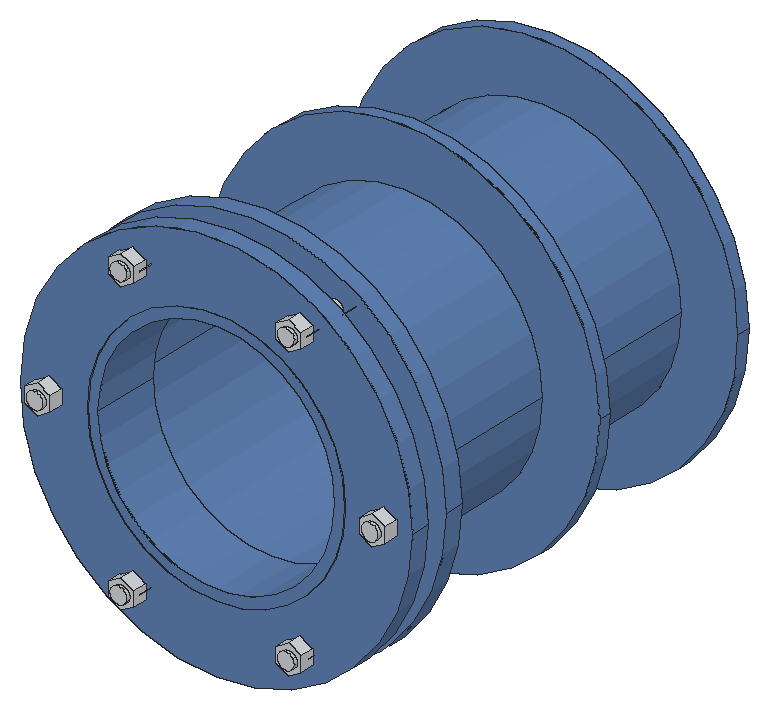
Revit family "柔性防水套管-A型", category 管件, Revit 2020
Family settings
  圆形连接件大小 = 使用直径
  零件类型 = 多个端口
  基于工作平面 = 否
  总是垂直 = 是
  加载时剪切的空心 = 是
  共享 = 否
Parameters (values of type "标准")
  默认高程 = 0 mm
  螺母外径 [instance] = size_lookup([02S404法兰压盖], "s", 18 mm + rounddown(穿管管径 / 200 mm) * 6 mm, 穿管管径)  # 24 mm
  螺母厚度 [instance] = size_lookup([02S404法兰压盖], "m", 10 mm + rounddown(穿管管径 / 200 mm) * 4 mm, 穿管管径)  # 14 mm
  螺柱长度 [instance] = size_lookup([02S404法兰压盖], "l1", 72 mm + roundup(穿管管径 / 100 mm) * 5 mm, 穿管管径)  # 76 mm
  螺柱规格 [instance] = size_lookup([02S404法兰压盖], "M", 12 mm + rounddown(穿管管径 / 200 mm) * 4 mm, 穿管管径)  # 16 mm
  螺柱留牙长度 [instance] = size_lookup([02S404法兰压盖], "bm", 2 mm + rounddown(穿管管径 / 200 mm) * 1 mm, 穿管管径)  # 3 mm
  螺柱数量 [instance] = size_lookup([02S404法兰压盖], "n", 4 + rounddown(穿管管径 / 100 mm) * 2, 穿管管径)  # 6
  螺柱布置等分角 [instance] = 360.00° / 螺柱数量  # 60.00°
  螺柱布置半径 [instance] = size_lookup([02S404法兰压盖], "D4", 法兰压盖外径 + 65 mm + rounddown(穿管管径 / 200 mm) * 5 mm, 穿管管径) / 2  # 160 mm
  螺柱压顶至压盖距离 [instance] = 螺母厚度 + 螺柱留牙长度  # 17 mm
  系统缩写 [instance] = ""
  穿管长度 [instance] = 300 mm
  穿管管径 [instance] = 200 mm
  洞口类型 [instance] = ""
  法兰压盖长度 [instance] = size_lookup([02S404法兰压盖], "l", 65 mm + rounddown(穿管管径 / 300 mm) * 5 mm, 穿管管径)  # 65 mm
  法兰压盖外径 [instance] = size_lookup([02S404法兰压盖], "D7", 法兰压盖内径 + 2 mm * (8 + roundup(穿管管径 / 500 mm) * 2), 穿管管径)  # 246 mm
  法兰压盖内径 [instance] = size_lookup([02S404法兰压盖], "D3", if(穿管管径 < 200 mm, 穿管管径 + 15 mm, 穿管管径 + 30 mm), 穿管管径)  # 226 mm
  材质 = 蓝漆钢
  挡圈外径 [instance] = size_lookup([02S404法兰套管], "D5", if(穿管管径 < 300 mm, 套管外径 + 100 mm, if(穿管管径 < 600 mm, 套管外径 + 120 mm, 套管外径 + 140 mm)), 穿管管径)  # 375 mm
  挡圈厚度2 [instance] = size_lookup([02S404法兰套管], "b1", 10 mm + roundup(穿管管径 / 200 mm) * 2 mm, 穿管管径)  # 12 mm
  挡圈厚度1 [instance] = size_lookup([02S404法兰套管], "b", 10 mm + roundup(穿管管径 / 200 mm) * 4 mm, 穿管管径)  # 18 mm
  底部标高BL [instance] = 中心标高CL - 套管外径 / 2  # 242.5 mm
  套管长度 [instance] = 穿管长度 + 外伸长度 + 内伸长度  # 330 mm
  套管管径 [instance] = size_lookup([02S404法兰套管], "D0", if(穿管管径 < 32 mm, 50 mm, if(穿管管径 < 500 mm, 穿管管径 + 50 mm, 穿管管径 + 100 mm)), 穿管管径)  # 250 mm
  套管外径 [instance] = size_lookup([02S404法兰套管], "D2", if(穿管管径 < 200 mm, 穿管管径 + 50 mm, if(穿管管径 < 400 mm, 穿管管径 + 70 mm, 穿管管径 + 80 mm)), 穿管管径)  # 265 mm
  套管壁厚 [instance] = size_lookup([02S404法兰套管], "Delta", 8 mm + roundup((穿管管径 - 800 mm) / 200 mm) * 2 mm, 穿管管径)  # 6 mm
  套管内径 [instance] = 套管外径 - 套管壁厚 * 2  # 253 mm
  外伸长度 = 10 mm
  内伸长度 = 20 mm
  built-in parameter 1114242 [instance] = (empty or 0)
  中心标高CL [instance] = 375 mm
  02S404法兰套管 = "Flange Casing Pipe"
  02S404法兰压盖 = "Flange Gland"
Types (6, lengths in mm): name | 套管长度 | 外伸长度 | 内伸长度
  标准 | 330 | 10 | 20
  外伸长度-50mm | 350 | 50 | 0
  外伸长度-150mm | 450 | 150 | 0
  外伸长度-100mm | 400 | 100 | 0
  外伸长度-200mm | 500 | 200 | 0
  外伸长度-300mm | 600 | 300 | 0
Reference planes
  plane 1 "中心(前/后)": y = 0
  plane 2: z = 0
  plane 3 "中心(左/右)": x = 0
  plane 4: z = 0
  plane 5: y = -150
  plane 6: y = 150
  plane 7 "前": y = -170
  plane 8: y = -188
  plane 9: y = 172
  plane 10 "后": y = 160
  plane 11 "螺柱面": y = -246
  plane 12: y = -229
  plane 13: x = -132.5
  plane 14: x = 132.5
  plane 15: x = -187.5
  plane 16: x = 187.5
  plane 17: z = 132.5
  plane 18: z = -132.5
Forms (mm)
  Sweep 1, void
    path in 3D
      loop
        line (0, -188, 0) -> (0, 172, 0)
    profile origin (0, -8, 0) x (-1, 0, 0) y (0, 0, 1)
      loop
        circle (0, 0) r 132.5
  Sweep 2, solid, material "蓝漆钢" <- "材质", detail levels fine
    path in 3D
      loop
        line (0, -229, 0) -> (0, -164, 0)
    profile origin (0, -196.5, 0) x (-1, 0, 0) y (0, 0, 1)
      loop
        circle (0, 0) r 123
      loop
        circle (0, 0) r 113
  Sweep 3, solid, material "蓝漆钢" <- "材质", detail levels fine
    path origin (0, 0, 0) x (1, 0, 0) y (0, 1, 0)
      loop
        line (0, -229) -> (0, -211)
    profile origin (0, -220, 0) x (-1, 0, 0) y (0, 0, 1)
      loop
        circle (0, 0) r 123
      loop
        circle (0, 0) r 187.5
  Sweep 4, solid, material "蓝漆钢" <- "材质", detail levels fine
    path in 3D
      loop
        line (0, -188, 0) -> (0, 172, 0)
    profile origin (0, -8, 0) x (-1, 0, 0) y (0, 0, 1)
      loop
        circle (0, 0) r 132.5
      loop
        circle (0, 0) r 126.5
  Sweep 5, solid, material "蓝漆钢" <- "材质", detail levels fine
    path origin (0, 0, 0) x (1, 0, 0) y (0, 1, 0)
      loop
        line (0, -170) -> (0, -188)
    profile origin (0, -179, 0) x (1, 0, 0) y (0, 0, 1)
      loop
        circle (0, 0) r 132.5
      loop
        circle (0, 0) r 187.5
  Sweep 6, solid, material "蓝漆钢" <- "材质", detail levels fine
    path origin (0, 0, 0) x (1, 0, 0) y (0, 1, 0)
      loop
        line (0, 160) -> (0, 172)
    profile origin (0, 166, 0) x (-1, 0, 0) y (0, 0, 1)
      loop
        circle (0, 0) r 132.5
      loop
        circle (0, 0) r 187.5
  Sweep 7, solid, material "蓝漆钢" <- "材质", detail levels fine
    path origin (0, 0, 0) x (1, 0, 0) y (0, 1, 0)
      loop
        line (0, -6) -> (0, 6)
    profile origin (0, 0, 0) x (-1, 0, 0) y (0, 0, 1)
      loop
        circle (0, 0) r 132.5
      loop
        circle (0, 0) r 187.5
Lines and regions (mm)
  reference lines
    curve 1: line (0, -188, 0) -> (0, 172, 0)
    curve 2: line (0, -229, 0) -> (0, -164, 0)
  sketch lines
    curve 3: line (0, -188, 0) -> (0, 172, 0)
    curve 4: line (0, -229, 0) -> (0, -164, 0)
    curve 5: line (0, -188, 0) -> (0, 172, 0)
  model lines, style "套管洞口二维", detail levels coarse+medium
    curve 6: line (-187.5, 160, 0) -> (-132.5, 160, 0)
    curve 7: line (-132.5, 160, 0) -> (-132.5, -170, 0)
    curve 8: line (-132.5, -170, 0) -> (-187.5, -170, 0)
    curve 9: line (-187.5, 0, 0) -> (-132.5, 0, 0)
    curve 10: line (187.5, 160, 0) -> (132.5, 160, 0)
    curve 11: line (132.5, 160, 0) -> (132.5, -170, 0)
    curve 12: line (132.5, -170, 0) -> (187.5, -170, 0)
    curve 13: line (132.5, 0, 0) -> (187.5, 0, 0)
    curve 14: circle (0, 0, 0) r 187.5 normal (0, -1, 0)
    curve 15: circle (0, 0, 0) r 132.5 normal (0, -1, 0)
    curve 16: line (0, 160, 132.5) -> (0, -170, 132.5)
    curve 17: line (0, 160, -132.5) -> (0, -170, -132.5)
    curve 18: circle (0, -170, 0) r 187.5 normal (0, 1, 0)
    curve 19: circle (0, 160, 0) r 187.5 normal (0, 1, 0)
Dimensions and locks
  "内伸长度": plane 5 to plane 7 "前"
  "挡圈厚度1": plane 7 "前" to plane 8
  "螺柱压顶至压盖距离": plane 12 to plane 11 "螺柱面"
  "螺柱长度": plane 7 "前" to plane 11 "螺柱面"
  equal spacing: plane 6, plane 1 "中心(前/后)", plane 5
  "穿管长度": plane 6 to plane 5
  "外伸长度": plane 10 "后" to plane 6
  "挡圈厚度2": plane 9 to plane 10 "后"
  "法兰压盖长度": curve 2 to curve 2
  "挡圈厚度1": Sweep 3 sketch curve to Sweep 3 sketch curve
  "挡圈厚度2": Sweep 7 sketch curve to Sweep 7 sketch curve
  equal spacing: Sweep 7 sketch curve, plane 1 "中心(前/后)", Sweep 7 sketch curve
  equal spacing: plane 13, plane 3 "中心(左/右)", plane 14
  "套管外径": plane 13 to plane 14
  equal spacing: plane 15, plane 3 "中心(左/右)", plane 16
  "挡圈外径": plane 15 to plane 16
  equal spacing: plane 17, level, plane 18
  "套管外径": plane 17 to plane 18
  "套管外径": diameter of Sweep 1 sketch curve
  "法兰压盖内径": diameter of Sweep 2 sketch curve
  "法兰压盖外径": diameter of Sweep 2 sketch curve
  "法兰压盖外径": diameter of Sweep 3 sketch curve
  "挡圈外径": diameter of Sweep 3 sketch curve
  "套管外径": diameter of Sweep 4 sketch curve
  "套管内径": diameter of Sweep 4 sketch curve
  "套管外径": diameter of Sweep 5 sketch curve
  "挡圈外径": diameter of Sweep 5 sketch curve
  "套管外径": diameter of Sweep 6 sketch curve
  "挡圈外径": diameter of Sweep 6 sketch curve
  "螺柱布置半径": radius of radial array
  "套管外径": diameter of Sweep 7 sketch curve
  "挡圈外径": diameter of Sweep 7 sketch curve
  "套管外径": diameter of curve 15
  "挡圈外径": diameter of curve 14
  "挡圈外径": diameter of curve 18
  "挡圈外径": diameter of curve 19
  aligned and locked: plane 3 "中心(左/右)" to curve 1
  aligned and locked: plane 9 to curve 1
  aligned and locked: plane 8 to curve 1
  aligned and locked: plane 3 "中心(左/右)" to curve 2
  aligned and locked: plane 12 to curve 2
  aligned and locked: plane 7 "前" to Sweep 5 sketch curve
  aligned and locked: plane 8 to Sweep 5 sketch curve
  aligned and locked: plane 9 to Sweep 6 sketch curve
  aligned and locked: plane 10 "后" to Sweep 6 sketch curve
  aligned and locked: curve 7 to plane 13
  aligned and locked: plane 10 "后" to curve 7
  aligned and locked: plane 7 "前" to curve 7
  aligned and locked: plane 7 "前" to curve 12
  aligned and locked: plane 10 "后" to curve 11
  aligned and locked: curve 11 to plane 14
  aligned and locked: curve 6 to plane 10 "后"
  aligned and locked: plane 10 "后" to curve 10
  aligned and locked: plane 15 to curve 6
  aligned and locked: plane 16 to curve 10
  aligned and locked: plane 15 to curve 9
  aligned and locked: plane 16 to curve 13
  aligned and locked: plane 16 to curve 12
  aligned and locked: plane 15 to curve 8
  aligned and locked: curve 16 to plane 17
  aligned and locked: curve 17 to plane 18
  aligned and locked: plane 10 "后" to curve 16
  aligned and locked: plane 10 "后" to curve 17
  aligned and locked: plane 7 "前" to curve 16
  aligned and locked: plane 7 "前" to curve 17
Automatic sketch dimensions
  Sweep 5 sketch curve to plane 3 "中心(左/右)" = 0 mm
  Sweep 6 sketch curve to plane 3 "中心(左/右)" = 0 mm
  plane 1 "中心(前/后)" to curve 9 = 0 mm
  plane 1 "中心(前/后)" to curve 13 = 0 mm
  curve 14 to curve 15 = 0 mm  (x2)
  curve 15 to level = 0 mm
  curve 15 to plane 3 "中心(左/右)" = 0 mm
  Sweep 1 sketch curve to profile plane = 0 mm  (x2)
  Sweep 2 sketch curve to Sweep 2 sketch curve = 0 mm  (x2)
  Sweep 2 sketch curve to profile plane = 0 mm  (x2)
  Sweep 3 sketch curve to plane 3 "中心(左/右)" = 0 mm
  Sweep 3 sketch curve to plane 12 = 0 mm
  Sweep 3 sketch curve to Sweep 3 sketch curve = 0 mm  (x2)
  Sweep 3 sketch curve to level = 0 mm
  Sweep 3 sketch curve to profile plane = 0 mm
  Sweep 4 sketch curve to Sweep 4 sketch curve = 0 mm  (x2)
  Sweep 4 sketch curve to profile plane = 0 mm  (x2)
  Sweep 5 sketch curve to Sweep 5 sketch curve = 0 mm  (x2)
  Sweep 5 sketch curve to level = 0 mm
  profile plane to Sweep 5 sketch curve = 0 mm
  Sweep 6 sketch curve to Sweep 6 sketch curve = 0 mm  (x2)
  Sweep 6 sketch curve to level = 0 mm
  Sweep 6 sketch curve to profile plane = 0 mm
  Sweep 7 sketch curve to plane 3 "中心(左/右)" = 0 mm
  Sweep 7 sketch curve to Sweep 7 sketch curve = 0 mm  (x2)
  Sweep 7 sketch curve to level = 0 mm
  Sweep 7 sketch curve to profile plane = 0 mm
  curve 18 to level = 0 mm
  curve 18 to plane 3 "中心(左/右)" = 0 mm
  curve 19 to level = 0 mm
  curve 19 to plane 3 "中心(左/右)" = 0 mm
Nested families
  nested 1: "六角螺组" at (-160, -246, 0) x (-1, 0, 0) z (0, -1, 0), type "六角螺组", detail levels fine
    with 螺柱留牙长度 3 mm
  nested 2: "六角螺组" at (-80, -246, 138.564) x (-0.5, 0, 0.866) z (0, -1, 0), type "六角螺组", detail levels fine
    with 螺柱留牙长度 3 mm
  nested 3: "六角螺组" at (-80, -246, -138.564) x (-0.5, 0, -0.866) z (0, -1, 0), type "六角螺组", detail levels fine
    with 螺柱留牙长度 3 mm
  nested 4: "六角螺组" at (80, -246, -138.564) x (0.5, 0, -0.866) z (0, -1, 0), type "六角螺组", detail levels fine
    with 螺柱留牙长度 3 mm
  nested 5: "六角螺组" at (160, -246, 0) x (1, 0, 0) z (0, -1, 0), type "六角螺组", detail levels fine
    with 螺柱留牙长度 3 mm
  nested 6: "六角螺组" at (80, -246, 138.564) x (0.5, 0, 0.866) z (0, -1, 0), type "六角螺组", detail levels fine
    with 螺柱留牙长度 3 mm
Definition of nested family "六角螺组"
  Parameters
    Default Elevation = 1219.2 mm
    材质 = none
    螺母外径 = 24 mm
    螺母厚度 = 14 mm
    螺柱长度 = 76 mm
    螺柱规格 = 16 mm
    螺柱留牙长度 = 2 mm
  Reference planes
    plane 1 "中心(前/后)": y = 0
    plane 2: z = 0
    plane 3 "中心(左/右)": x = 0
    plane 4: through (0, 0, 1219.2) normal (-0.5, 0.866, 0)
    plane 5: through (-13.246, 6.209, 1219.2) normal (-0.5, 0.866, 0)
    plane 6: through (-0.516, -14.154, 1219.2) normal (-0.5, 0.866, 0)
    plane 7: through (0, 0, 1219.2) normal (-0.5, -0.866, 0)
    plane 8: through (-46.832, 13.182, 1219.2) normal (0.5, 0.866, 0)
    plane 9: through (-32.244, 32.472, 1219.2) normal (0.5, 0.866, 0)
    plane 10: x = -12
    plane 11: x = 12
    plane 12: z = -2
    plane 13: z = -16
    plane 14: z = -76
  Forms (mm)
    Extrusion 1, solid
      sketch origin (0, 0, 0) x (1, 0, 0) y (0, 1, 0)
        loop
          line (-1219.2, 1219.2) -> (-1219.2, -1219.2) -> (1219.2, -1219.2) -> (1219.2, 1219.2) -> (-1219.2, 1219.2)
      from 0 to -304.8
    Sweep 2, solid, detail levels fine
      path in 3D
        loop
          line (0, 0, -2) -> (0, 0, -16)
      profile origin (0, 0, -9) x (0, -1, 0) y (1, 0, 0)
        loop
          line (-13.856, 0) -> (-6.928, -12) -> (6.928, -12) -> (13.856, 0) -> (6.928, 12) -> (-6.928, 12) -> (-13.856, 0)
    Sweep 3, solid, detail levels fine
      path in 3D
        loop
          line (0, 0, 0) -> (0, 0, -76)
      profile origin (0, 0, -38) x (0, -1, 0) y (1, 0, 0)
        loop
          circle (0, 0) r 8
  Lines and regions (mm)
    reference lines
      curve 1: line (0, 0, -2) -> (0, 0, -16)
      curve 2: line (0, 0, 0) -> (0, 0, -76)
    sketch lines
      curve 3: line (0, 0, -2) -> (0, 0, -16)
      curve 4: line (0, 0, 0) -> (0, 0, -76)
  Dimensions and locks
    equal spacing: plane 5, plane 4, plane 6
    "螺母外径": plane 5 to plane 6
    equal spacing: plane 9, plane 7, plane 8
    "螺母外径": plane 9 to plane 8
    equal spacing: plane 10, plane 3 "中心(左/右)", plane 11
    "螺母外径": plane 10 to plane 11
    "螺柱留牙长度": plane 2 to plane 12
    "螺母厚度": plane 12 to plane 13
    "螺柱长度": plane 2 to plane 14
    "螺柱规格": diameter of Sweep 3 sketch curve
    aligned and locked: plane 2 to Extrusion 1
    aligned and locked: level to Extrusion 1
    aligned and locked: curve 1 to plane 3 "中心(左/右)"
    aligned and locked: plane 12 to curve 1
    aligned and locked: plane 13 to curve 1
    aligned and locked: curve 2 to plane 3 "中心(左/右)"
    aligned and locked: plane 2 to curve 2
    aligned and locked: plane 14 to curve 2
    aligned and locked: Sweep 2 sketch curve to plane 5
    aligned and locked: plane 10 to Sweep 2 sketch curve
    aligned and locked: plane 8 to Sweep 2 sketch curve
    aligned and locked: plane 6 to Sweep 2 sketch curve
    aligned and locked: Sweep 2 sketch curve to plane 11
    aligned and locked: Sweep 2 sketch curve to plane 9
  Automatic sketch dimensions
    Extrusion 1 sketch curve to Extrusion 1 sketch curve = 2438.4 mm  (x2)
    Sweep 3 sketch curve to profile plane = 0 mm
    profile plane to Sweep 3 sketch curve = 0 mm
